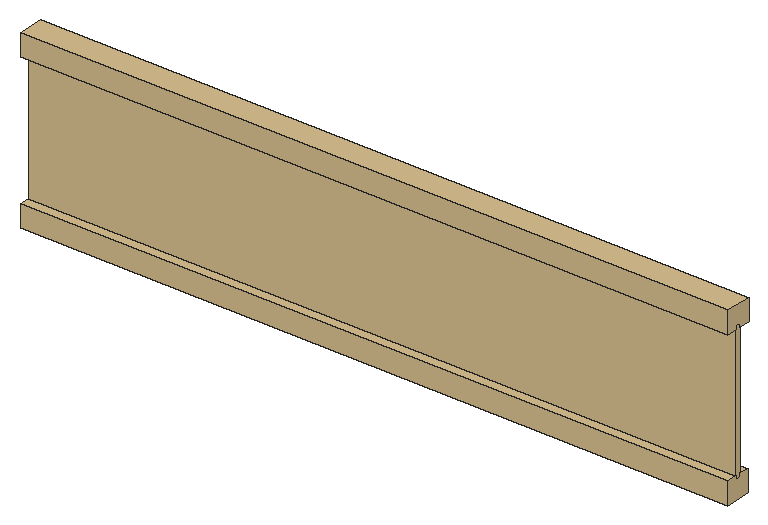
Revit family
Parameters (values of type "44X302")
  시작 확장 계산 [instance] = 3000 mm + 시작 확장  # 3000 mm
  시작 확장 [instance] = 0 mm
  Length [instance] = 1524 mm
  b = 44 mm
  d = 302 mm
  끝 확장 계산 [instance] = 3000 mm + 끝 확장  # 3000 mm
  끝 확장 [instance] = 0 mm
  보 재료 [instance] = 목재 - 치수 재목
Types (3, lengths in mm): name | d
  (no name) | 302
  44X302 | 302
  44X356 | 356
Reference planes
  plane 1 "중심(앞/뒤)": y = 0
  plane 2: z = 0
  plane 3 "중심(왼쪽/오른쪽)": x = 4.61
  plane 4 "왼쪽 부재": x = -604.99
  plane 5 "오른쪽 부재": x = 614.21
  plane 6: y = 22
  plane 7: y = -22
  plane 8: z = 151
  plane 9: z = -151
  plane 10: z = -112.9
  plane 11: z = 112.9
  plane 12: y = -4.763
  plane 13: y = 4.762
  plane 14 "왼쪽": x = -757.39
  plane 15 "기호를 왼쪽에 부착": x = -452.59
  plane 16 "기호를 오른쪽에 부착": x = 461.81
  plane 17 "오른쪽": x = 766.61
  plane 18: x = -604.99
  plane 19: x = 614.21
  plane 20: x = 2395.01
  plane 21: x = -2385.79
Forms (mm)
  Extrusion 1, solid, material "목재 - 치수 재목" <- "보 재료", detail levels medium+fine
    sketch origin (4.61, 0, 0) x (0, 1, 0) y (0, 0, 1)
      loop
        line (22, 151) -> (-22, 151) -> (-22, 112.9) -> (-4.763, 112.9) -> (-4.763, 119.25) -> (4.762, 119.25) -> (4.762, 112.9) -> (22, 112.9) -> (22, 151)
      loop
        line (22, -151) -> (22, -112.9) -> (4.762, -112.9) -> (4.762, -118.516) -> (-4.763, -118.516) -> (-4.763, -112.9) -> (-22, -112.9) -> (-22, -151) -> (22, -151)
    from -609.6 to 609.6
  Extrusion 2, solid, material "목재 - 치수 재목" <- "보 재료", detail levels medium+fine
    sketch origin (4.61, 0, 0) x (0, 1, 0) y (0, 0, 1)
      loop
        line (4.762, 119.25) -> (-4.763, 119.25) -> (-4.763, -118.516) -> (4.762, -118.516) -> (4.762, 119.25)
    from -609.6 to 609.6
Lines and regions (mm)
  symbolic lines, style "기호 부착", detail levels coarse
    curve 1: line (0, -22, -151) -> (0, 22, -151)
    curve 2: line (0, 22, -151) -> (0, 22, -112.9)
    curve 3: line (0, 22, -112.9) -> (0, 4.762, -112.9)
    curve 4: line (0, 4.762, -112.9) -> (0, 4.762, 112.9)
    curve 5: line (0, 4.762, 112.9) -> (0, 22, 112.9)
    curve 6: line (0, 22, 112.9) -> (0, 22, 151)
    curve 7: line (0, 22, 151) -> (0, -22, 151)
    curve 8: line (0, -22, 151) -> (0, -22, 112.9)
    curve 9: line (0, -22, 112.9) -> (0, -4.763, 112.9)
    curve 10: line (0, -4.763, 112.9) -> (0, -4.763, -112.9)
    curve 11: line (0, -4.763, -112.9) -> (0, -22, -112.9)
    curve 12: line (0, -22, -112.9) -> (0, -22, -151)
Dimensions and locks
  "b": plane 6 to plane 7
  "d": plane 9 to plane 8
  equal spacing: plane 9, plane 2, plane 8
  equal spacing: plane 6, plane 1 "중심(앞/뒤)", plane 7
  locked: plane 11 to plane 8 at 38.1
  locked: plane 9 to plane 10 at 38.1
  equal spacing: plane 13, plane 1 "중심(앞/뒤)", plane 12
  locked: plane 13 to plane 12 at 9.525
  locked: Extrusion 1 sketch curve to plane 11 at 6.35
  locked: Extrusion 1 sketch curve to plane 10 at 5.616
  "Length": plane 14 "왼쪽" to plane 17 "오른쪽"
  locked: plane 21 to plane 5 "오른쪽 부재" at 3000
  locked: plane 4 "왼쪽 부재" to plane 20 at 3000
  "끝 확장 계산": plane 21 to plane 19
  "시작 확장 계산": plane 18 to plane 20
  aligned and locked: plane 6 to Extrusion 1 sketch curve
  aligned and locked: Extrusion 1 sketch curve to plane 8
  aligned and locked: plane 9 to Extrusion 1 sketch curve
  aligned and locked: Extrusion 1 sketch curve to plane 7
  aligned and locked: Extrusion 2 sketch curve to Extrusion 1  (x4)
  aligned and locked: curve 9 to Extrusion 1
  aligned and locked: curve 5 to Extrusion 1
  aligned and locked: plane 6 to curve 6
  aligned and locked: curve 7 to plane 8
  aligned and locked: curve 8 to plane 7
  aligned and locked: plane 9 to curve 1
  aligned and locked: plane 6 to curve 2
  aligned and locked: curve 12 to plane 7
  aligned and locked: curve 3 to Extrusion 1
  aligned and locked: curve 11 to Extrusion 1
  aligned and locked: Extrusion 2 to curve 4
  aligned and locked: plane 18 to Extrusion 1
  aligned and locked: Extrusion 1 to plane 19
  aligned and locked: Extrusion 1 to Extrusion 2  (x2)
Automatic sketch dimensions
  Extrusion 1 sketch curve to plane 7 = 0 mm
  Extrusion 1 sketch curve to plane 12 = 0 mm  (x2)
  Extrusion 1 sketch curve to plane 11 = 0 mm  (x2)
  Extrusion 1 sketch curve to plane 13 = 0 mm  (x2)
  Extrusion 1 sketch curve to plane 6 = 0 mm
  Extrusion 1 sketch curve to plane 10 = 0 mm  (x2)
  plane 1 "중심(앞/뒤)" to curve 11 = 4.763 mm
